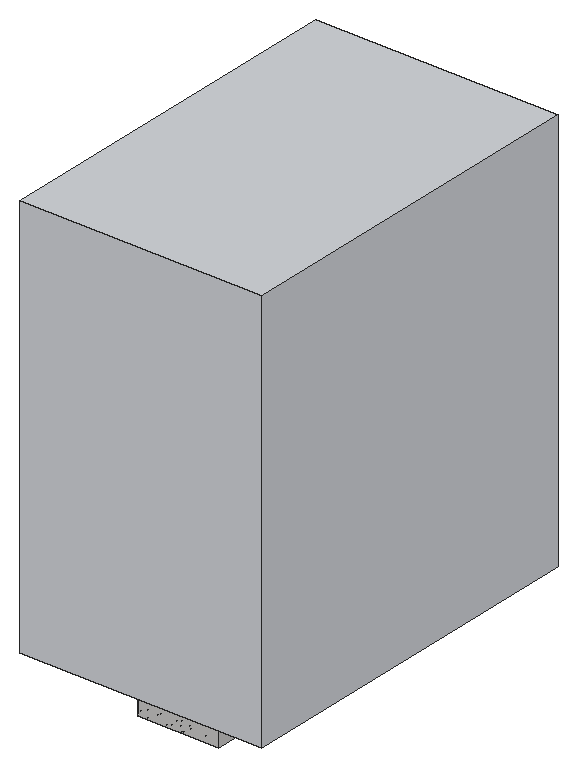
Revit family
Parameters
  Warranty Duration (Years) = 0
  Unit Width [instance] = 1' - 5 1/4"
  Unit Height [instance] = 4' - 8"
  Unit Depth = 0' - 0 1/4"
  URL = "http://www.americanspecialties.com/viewCategories.cfm"
  Trim Material = Metal - Stainless Steel
  Test Data = ""
  Specification = "http://www.arcat.com/sdspecs/htm/10810asi.htm"
  SpecWizard = ""
  Send Message = "http://www.arcat.com/users.pl?action=UserEmail&company=American%20Specialties,%20Inc.&coid=30448&rep=139&fax=914-476-0688&mf="
  Sales Information = "http://www.americanspecialties.com/contact"
  Revision = "R1_10-2010"
  Product Properties = "http://www.americanspecialties.com/datasheets/04692.pdf"
  Product Data = "http://www.arcat.com/arcatcos/cos30/arc30448.html"
  Model = "As Specified in 10 28 13"
  Manufacturer Website = "http://www.americanspecialties.com/viewCategories.cfm"
  Manufacturer Phone - Toll Free = ""
  Manufacturer Phone = "914-476-9000 "
  Manufacturer Fax = "914-476-0688"
  Manufacturer Address = "441 Saw Mill River Rd., Yonkers, NY 10701"
  Manufacturer = "American Specialties, Inc."
  Maintenance Schedule (Months) = 0
  Keynote = "10 28 13"
  Installation-Fabrication = "http://www.americanspecialties.com/products.cfm"
  Green Building-LEED = ""
  Expected Lifespan (Years) = 0
  Drawn By = "Robert S. Weygant. CSI, CDT, SCIP"  # constant formula
  Description = "Toilet Accessory as Specified in 10 28 13"
  Default Elevation = 4' - 0"
  Copyright = "©Arcat Inc."
  Construction Details = "http://www.arcat.com/green/clients/leed_data_30448.html"
  Building Codes = "http://www.americanspecialties.com/products.cfm"
  Body Material = Metal - Stainless Steel
  Assembly Code = "C1030210"
Reference planes (in)
  plane 1 "Center (Front/Back)": y = -0.29112
  plane 2 "Floor Line": z = 0
  plane 3 "Center (Left/Right)": x = -0.65843
Forms (in)
  Extrusion 1, solid
    sketch origin (-3, -9, -6) x (0, 0, -1) y (1, 0, 0)
      loop
        line (-82, 26) -> (-82, -19.34712) -> (-6, -19.34712) -> (-6, 26) -> (-82, 26)
    from 28.29112 to -41.06337
  Extrusion 2, solid, material "Metal - Stainless Steel" <- "Body Material"
    sketch origin (0, 0, 0) x (1, 0, 0) y (0, 1, 0)
      loop
        line (-8.28343, 26.70888) -> (-8.28343, -27.29112) -> (6.96657, -27.29112) -> (6.96657, 26.70888) -> (-8.28343, 26.70888)
    from 0 to -10
  Extrusion 3, solid, material "Metal - Stainless Steel" <- "Body Material"
    sketch origin (0, 7, 0) x (1, 0, 0) y (0, 1, 0)
      loop
        line (-5.68968, 6.70888) -> (-5.68968, 4.20888) -> (4.37282, 4.20888) -> (4.37282, 6.70888) -> (4.12282, 6.70888) -> (3.87282, 4.45888) -> (-5.18968, 4.45888) -> (-5.43968, 6.70888) -> (-5.68968, 6.70888)
    from 0 to -10
  Extrusion 4, solid, material "Metal - Stainless Steel" <- "Trim Material"
    sketch origin (0, 6.98719, -0.24866) x (1, 0, 0) y (0, 1, 0)
      loop
        line (2.98508, 14.70888) -> (2.98508, 9.70888) -> (3.98508, 9.70888) -> (3.98508, 14.70888) -> (2.98508, 14.70888)
      loop
        line (3.04758, 9.77138) -> (3.92258, 9.77138) -> (3.92258, 14.64638) -> (3.04758, 14.64638) -> (3.04758, 9.77138)
    from 0.5 to 0.5625
  Extrusion 5, solid, material "Metal - Stainless Steel" <- "Trim Material"
    sketch origin (-0.23664, 6.96892, -0.36842) x (0, 1, 0) y (0, 0, 1)
      loop
        line (14.48996, 0.86976) -> (14.23996, 1.36976) -> (13.98996, 1.36976) -> (13.98996, 0.86976) -> (14.48996, 0.86976)
    from 3.44343 to 4
  Extrusion 6, solid, material "Metal - Stainless Steel" <- "Trim Material"
    sketch origin (-0.65843, 6.88741, -0.36842) x (0, 1, 0) y (0, 0, 1)
      loop
        line (14.49406, 0.86976) -> (14.1489, 0.86976) -> (14.1489, 0.36842) -> (14.49406, 0.36842) -> (14.49406, 0.86976)
    from 3.94825 to 4.33876
  Extrusion 7, solid, material "Metal - Stainless Steel" <- "Trim Material"
    sketch origin (0, 0, -0.6875) x (1, 0, 0) y (0, 1, 0)
      loop
        circle (5.37282, 20.33388) r 0.5
      loop
        line (5.316, 19.91524) -> (5.42963, 19.91524) -> (5.42963, 20.76475) -> (5.316, 20.76475) -> (5.316, 19.91524)
    from 0.9375 to 1
  Extrusion 8, solid, material "Metal - Stainless Steel" <- "Body Material"
    sketch origin (0, 0, 0) x (1, 0, 0) y (0, 1, 0)
      loop
        line (-9.28343, 27.70888) -> (-9.28343, -28.29112) -> (7.96657, -28.29112) -> (7.96657, 27.70888) -> (-9.28343, 27.70888)
      loop
        line (-8.28343, 26.70888) -> (-8.28343, -27.29112) -> (6.96657, -27.29112) -> (6.96657, 26.70888) -> (-8.28343, 26.70888)
    from 0 to 0.25
  Extrusion 9, solid, material "Metal - Stainless Steel" <- "Body Material"
    sketch origin (0, 0, 0) x (1, 0, 0) y (0, 1, 0)
      loop
        line (-8.28343, 26.70888) -> (-8.28343, 13.70888) -> (6.96657, 13.70888) -> (6.96657, 26.70888) -> (-8.28343, 26.70888)
    from 0 to 0.25
  Extrusion 10, void
    sketch origin (-0.65843, 0, 0) x (0, 1, 0) y (0, 0, 1)
      loop
        line (21.38146, 0) -> (21.38146, 0.25) -> (16.91194, 0.25) -> (16.91194, 0) -> (21.38146, 0)
    from 4.33876 to 3.94825
  Extrusion 11, solid, material "Metal - Stainless Steel" <- "Body Material"
    sketch origin (0, 0, 0) x (1, 0, 0) y (0, 1, 0)
      loop
        line (6.96657, -4.29112) -> (-8.28343, -4.29112) -> (-8.28343, -27.29112) -> (6.96657, -27.29112) -> (6.96657, -4.29112)
    from -10 to 1.75
  Extrusion 12, void
    sketch origin (-0.65843, 0, 0) x (0, 1, 0) y (0, 0, 1)
      loop
        line (13.70888, -9.75) -> (13.70888, 1.75) -> (-4.29112, 1.75) -> (-4.29112, -9.75) -> (13.70888, -9.75)
    from -7.61046 to 7.59319
  Extrusion 13, void
    sketch origin (-0.65843, 0, 0) x (0, 1, 0) y (0, 0, 1)
      loop
        line (-4.29112, -9.75) -> (-4.29112, 1.70127) -> (-27.24712, 1.70127) -> (-27.24712, -9.75) -> (-4.29112, -9.75)
    from -7.61046 to 7.59319
  Extrusion 14, solid, material "Metal - Stainless Steel" <- "Trim Material"
    sketch origin (0, 0, 0) x (1, 0, 0) y (0, 1, 0)
      loop
        circle (-0.65843, -3.79339) r 0.5
      loop
        line (-0.71525, -4.21203) -> (-0.60162, -4.21203) -> (-0.60162, -3.36253) -> (-0.71525, -3.36253) -> (-0.71525, -4.21203)
    from -9.75 to -10
  Extrusion 15, void
    sketch origin (0, 0, 0) x (1, 0, 0) y (0, 1, 0)
      loop
        line (-8.28343, 26.70888) -> (-8.28343, -27.24712) -> (6.93476, -27.24712) -> (6.93476, 26.70888) -> (-8.28343, 26.70888)
    from 0 to -10
Cuts and joins
  Extrusion 10 cuts Extrusion 4
  Extrusion 10 cuts Extrusion 6
  Extrusion 10, Extrusion 12, Extrusion 13 cuts Extrusion 2
  Extrusion 10, Extrusion 12, Extrusion 13 cuts Extrusion 8
  Extrusion 10, Extrusion 12 cuts Extrusion 9
  Extrusion 12, Extrusion 13 cuts Extrusion 11
Dimensions and locks (in)
  aligned and locked: Extrusion 1 to level
  aligned and locked: Extrusion 8 to Extrusion 9
  aligned and locked: Extrusion 9 to level
